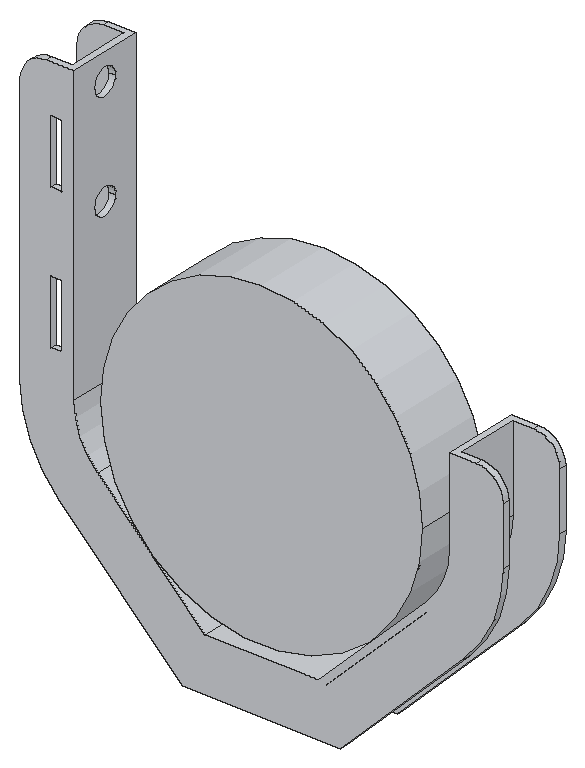
Revit family
Parameters
  URL = "www.siouxchief.com"
  Model = "521-723B"
  Manufacturer = "Sioux Chief Manufacturing"
  Keynote = "Commercial Chase Bracket"
  Description = "3\" Bracket"
Reference planes (in)
  plane 1 "Center (Front/Back)": y = 0
  plane 2: z = 0
  plane 3 "Center (Left/Right)": x = 0
Forms (in)
  Sweep 1, solid
    path origin (-1.74985, -0.00531, -17.375) x (0, 0, 1) y (-1, 0, 0)
      loop
        line (25.11806, 0) -> (22.36816, 0)
        arc (22.36816, 0) -> (22.08111, -0.0571) -> (21.83776, -0.2197) r 0.7501
        line (21.83776, -0.2197) -> (20.83796, -1.2195) -> (20.83796, -2.2802) -> (21.83776, -3.28)
        arc (21.83776, -3.28) -> (22.08111, -3.4426) -> (22.36816, -3.4997) r 0.7501
        line (22.36816, -3.4997) -> (23.15716, -3.4997)
    profile origin (-1.74985, -0.00531, 6.36811) x (0, -1, 0) y (1, 0, 0)
      loop
        line (-0.359, 0) -> (-0.359, -0.5) -> (-0.299, -0.5) -> (-0.299, -0.06) -> (0.299, -0.06) -> (0.299, -0.5) -> (0.359, -0.5) -> (0.359, 0) -> (-0.359, 0)
  Extrusion 2, void
    sketch origin (2.29588, -0.75, -1.9609) x (0, 0, 1) y (-1, 0, 0)
      loop
        line (7.74306, 0.04603) -> (7.74306, 0.29603)
        arc (7.74306, 0.29603) -> (7.66983, 0.11925) -> (7.49306, 0.04603) r 0.25
        line (7.49306, 0.04603) -> (7.74306, 0.04603)
    from -1.22856 to -0.23725
  Extrusion 3, void
    sketch origin (-2.29588, -0.75, 0) x (0, 0, 1) y (-1, 0, 0)
      loop
        line (7.74306, -0.04603) -> (7.49306, -0.04603)
        arc (7.49306, -0.04603) -> (7.66983, -0.11925) -> (7.74306, -0.29603) r 0.25
        line (7.74306, -0.29603) -> (7.74306, -0.04603)
    from -1.22856 to -0.23725
  Extrusion 4, void
    sketch origin (-2.34405, -0.75, 0.05) x (0, 0, 1) y (-1, 0, 0)
      loop
        line (7.24348, -0.47897) -> (7.24348, -0.37807) -> (6.64348, -0.37807) -> (6.64348, -0.47897) -> (7.24348, -0.47897)
    from -1.10369 to -0.38569
  Extrusion 5, void
    sketch origin (-2.34405, -0.75, -1.288) x (0, 0, 1) y (-1, 0, 0)
      loop
        line (7.24348, -0.47897) -> (7.24348, -0.37807) -> (6.64348, -0.37807) -> (6.64348, -0.47897) -> (7.24348, -0.47897)
    from -1.10369 to -0.38569
  Extrusion 6, void
    sketch origin (-2.29505, 0, 0) x (0, 1, 0) y (0, 0, 1)
      loop
        circle (-0.00531, 7.49306) r 0.125
    from 0.4852 to 0.5452
  Extrusion 7, void
    sketch origin (-2.29505, 0, -1) x (0, 1, 0) y (0, 0, 1)
      loop
        circle (-0.00531, 7.49306) r 0.125
    from 0.4852 to 0.5452
  Extrusion 8, solid
    sketch origin (0, -0.75, 1.21094) x (0, 0, 1) y (-1, 0, 0)
      loop
        circle (3.85184, 0) r 1.5
    from -1.10369 to -0.38569
Cuts and joins
  Extrusion 2, Extrusion 3, Extrusion 4, Extrusion 5, Extrusion 6, Extrusion 7 cuts Sweep 1
Dimensions and locks (in)
  aligned and locked: plane 2 to level
  aligned and locked: cut or joined group of Sweep 1, Extrusion 2, Extrusion 3, Extrusion 4, Extrusion 5, Extrusion 6, Extrusion 7 to Extrusion 8  (x2)
Connectors (in)
  piping at (0, 0.35369, 5.06277)
    settings: on Extrusion 8, index 1, connector radius 1 1/2", flow factor 0, pipe flow 0 GPM, pressure drop 0.00 psi, fitting loss kfactor 0, connector angle 0.00°, fixture units 0, flow configuration 0, flow direction 0, fitting loss method 0, system type 22, connector reference index -1, connector utility 0, adjustable connector no, is connector primary yes, fitting loss table "", connector description ""
  piping at (0, -0.36431, 5.06277)
    settings: on Extrusion 8, index 2, connector radius 1 1/2", flow factor 0, pipe flow 0 GPM, pressure drop 0.00 psi, fitting loss kfactor 0, connector angle 0.00°, fixture units 0, flow configuration 0, flow direction 0, fitting loss method 0, system type 22, connector reference index -1, connector utility 0, adjustable connector no, is connector primary no, fitting loss table "", connector description ""
